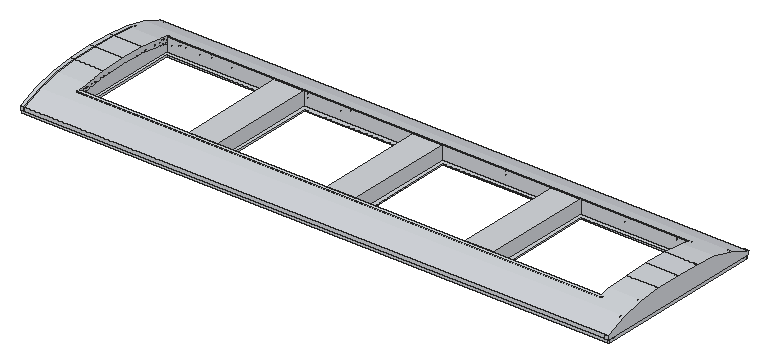
Revit family "Gira_0214758", category Electrical Fixtures, host Face, Revit 2017
Family settings
  Host = Face
  Maintain Annotation Orientation = No
  Round Connector Dimension = Use Diameter
  Part Type = Normal
  Cut with Voids When Loaded = No
  Shared = No
  Room Calculation Point = No
Parameters (values of type "Cov.fr. 4-g interm.fr. AN Gira Event Clear aubergine")
  With mounting grid = "No"
  With hinged lid = "No"
  URL = "http://katalog.gira.de/en/datenblatt.html?artikelnr=0214758"
  Type of fastening = "Clamp mounting"
  Transparent = "No"
  Surface protection = "Other"
  Surface finishing = "Glossy"
  Suitable for wall duct = "No"
  Suitable for flush-mounted installation = "No"
  Suitable for floor box = "No"
  Suitable for built-in installation = "No"
  Number of units vertical = "4"
  Number of units horizontal = "4"
  Number of units = "4"
  Name = "Cov.fr. 4-g interm.fr. AN Gira Event Clear aubergine"
  Mounting direction = "Horizontal and vertical"
  Material quality = "Thermoplastic"
  Material = "Plastic"
  Manufacturer URL = "https://www.gira.de/"
  Manufacturer = "Gira"
  Label space/information surface = "No"
  Keynote = ""
  HeinzeBIM = "https://bimportal.heinze.de/bim/cov-fr-4-g-interm-fr-an-gira-event-clear-aubergine/6f94fe7c355c121670c5932dfbb4af362d6369c4"
  Halogen free = "Yes"
  HAN = "0214758"
  GTIN = "4010337069256"
  Description = "Cov.fr.4g i.fr.AN EvCl AU,Gira Event Clear cover frame,aubergine with anthracite intermediate frame,4-gang,Features:,- Shatter-proof."
  Degree of protection (IP) = "IP20"
  Default Elevation = 1219.2 mm
  Data sheet (1) = "https://katalog.gira.de/en/download.html?artikelnr=0214758"
  Colour = "Other"
  Category = "Cover frame for domestic switching devices"
  BIM (1) = "https://media.stage.bim.site/public/gira/36a6b08/Event_Rahmen_4fach.rfa"
  Available = "No"
Reference planes
  plane 1 "Center (Front/Back)": y = 0
  plane 2: z = 0
  plane 3 "Center (Left/Right)": x = 0
Forms (mm)
  Extrusion 1, solid, detail levels fine
    sketch origin (0, 0, 0.05) x (0, 1, 0) y (0, 0, 1)
      loop
        arc (12.445, 9.683) -> (6.223, 9.833) -> (0, 9.85) r 291.636
        arc (0, 9.85) -> (-6.223, 9.833) -> (-12.445, 9.683) r 291.636
        arc (-12.445, 9.683) -> (-29.14, 7.482) -> (-45, 1.823) r 79.728
        line (-45, 1.823) -> (-45, -0.05) -> (-42.086, -0.05)
        arc (-42.086, -0.05) -> (-21.385, 5.559) -> (0, 7.206) r 114.424
        arc (0, 7.206) -> (21.385, 5.559) -> (42.086, -0.05) r 114.424
        line (42.086, -0.05) -> (45, -0.05) -> (45, 1.823)
        arc (45, 1.823) -> (29.14, 7.482) -> (12.445, 9.683) r 79.728
    from -151.95 to 151.935
  Extrusion 2, void, detail levels fine
    sketch origin (0, 0, 0) x (1, 0, 0) y (0, 1, 0)
      loop
        line (134.95, 28.035) -> (-134.95, 28.035) -> (-134.95, -28.035) -> (134.95, -28.035) -> (134.95, 28.035)
    from 0.724 to 11
  Extrusion 3, solid, detail levels coarse
    sketch origin (0, 0, 0) x (1, 0, 0) y (0, 1, 0)
      loop
        line (-151.95, 45) -> (-151.95, -45) -> (151.935, -45) -> (151.935, 45) -> (-151.95, 45)
    from -1.5 to 9.9
  Extrusion 4, solid, detail levels medium
    sketch origin (0, 0, 0.05) x (0, 1, 0) y (0, 0, 1)
      loop
        arc (12.445, 9.683) -> (6.223, 9.833) -> (0, 9.85) r 291.636
        arc (0, 9.85) -> (-6.223, 9.833) -> (-12.445, 9.683) r 291.636
        arc (-12.445, 9.683) -> (-29.14, 7.482) -> (-45, 1.823) r 79.728
        line (-45, 1.823) -> (-45, -0.05) -> (45, -0.05) -> (45, 1.823)
        arc (45, 1.823) -> (29.14, 7.482) -> (12.445, 9.683) r 79.728
    from -151.95 to 151.935
  Extrusion 5, solid, detail levels fine
    sketch origin (-106.95, 0, -1.5) x (0, 1, 0) y (0, 0, -1)
      loop
        line (45, -3.373) -> (45, -1.5) -> (-45, -1.5) -> (-45, -3.373)
        arc (-45, -3.373) -> (-29.14, -9.032) -> (-12.445, -11.233) r 79.728
        arc (-12.445, -11.233) -> (-6.223, -11.383) -> (0, -11.4) r 291.636
        arc (0, -11.4) -> (6.223, -11.383) -> (12.445, -11.233) r 291.636
        arc (12.445, -11.233) -> (29.14, -9.032) -> (45, -3.373) r 79.728
    from 43 to 45
  Extrusion 6, solid, detail levels fine
    sketch origin (0, 0, 0) x (1, 0, 0) y (0, 1, 0)
      loop
        line (-132.85, 25.7) -> (-132.85, -25.7) -> (-81.05, -25.7) -> (-81.05, 25.7) -> (-132.85, 25.7)
      loop
        line (-9.755, -25.7) -> (-9.755, 25.7) -> (-61.555, 25.7) -> (-61.555, -25.7) -> (-9.755, -25.7)
      loop
        line (-135.845, 28.49) -> (-135.845, -28.495)
        spline (-135.845, -28.495) -> (-135.836, -28.625) -> (-135.811, -28.754) -> (-135.769, -28.878) -> (-135.711, -28.995) -> (-135.638, -29.104) -> (-135.552, -29.202) -> (-135.454, -29.288) -> (-135.345, -29.361) -> (-135.228, -29.419) -> (-135.104, -29.461) -> (-134.975, -29.486) -> (-134.845, -29.495)
        line (-134.845, -29.495) -> (134.845, -29.495)
        spline (134.845, -29.495) -> (134.975, -29.486) -> (135.104, -29.461) -> (135.228, -29.419) -> (135.345, -29.361) -> (135.454, -29.288) -> (135.552, -29.202) -> (135.638, -29.104) -> (135.711, -28.995) -> (135.769, -28.878) -> (135.811, -28.754) -> (135.836, -28.625) -> (135.845, -28.495)
        line (135.845, -28.495) -> (135.845, 28.49)
        spline (135.845, 28.49) -> (135.836, 28.62) -> (135.811, 28.748) -> (135.769, 28.872) -> (135.711, 28.99) -> (135.638, 29.098) -> (135.552, 29.197) -> (135.454, 29.283) -> (135.345, 29.356) -> (135.228, 29.413) -> (135.104, 29.456) -> (134.975, 29.481) -> (134.845, 29.49)
        line (134.845, 29.49) -> (-134.845, 29.49)
        spline (-134.845, 29.49) -> (-134.975, 29.481) -> (-135.104, 29.456) -> (-135.228, 29.413) -> (-135.345, 29.356) -> (-135.454, 29.283) -> (-135.552, 29.197) -> (-135.638, 29.098) -> (-135.711, 28.99) -> (-135.769, 28.872) -> (-135.811, 28.748) -> (-135.836, 28.62) -> (-135.845, 28.49)
      loop
        line (61.545, -25.7) -> (61.545, 25.7) -> (9.745, 25.7) -> (9.745, -25.7) -> (61.545, -25.7)
      loop
        line (132.85, -25.7) -> (132.85, 25.7) -> (81.05, 25.7) -> (81.05, -25.7) -> (132.85, -25.7)
    from 0.1 to 7.3
  Extrusion 7, solid
    sketch origin (0, 0, 0) x (1, 0, 0) y (0, 1, 0)
      loop
        arc (-151.65, -44.218) -> (-151.504, -44.572) -> (-151.15, -44.718) r 0.5
        line (-151.15, -44.718) -> (151.15, -44.718)
        arc (151.15, -44.718) -> (151.504, -44.572) -> (151.65, -44.218) r 0.5
        line (151.65, -44.218) -> (151.65, 44.182)
        arc (151.65, 44.182) -> (151.504, 44.535) -> (151.15, 44.682) r 0.5
        line (151.15, 44.682) -> (-151.15, 44.682)
        arc (-151.15, 44.682) -> (-151.504, 44.535) -> (-151.65, 44.182) r 0.5
        line (-151.65, 44.182) -> (-151.65, -44.218)
      loop
        line (-149.95, 42.982) -> (-149.95, -43.018) -> (149.95, -43.018) -> (149.95, 42.982) -> (-149.95, 42.982)
    from -1.5 to 0.5
  Extrusion 8, solid, detail levels fine
    sketch origin (106.935, 0, -1.5) x (0, 1, 0) y (0, 0, 1)
      loop
        arc (45, 3.373) -> (29.14, 9.032) -> (12.445, 11.233) r 79.728
        arc (12.445, 11.233) -> (6.223, 11.383) -> (0, 11.4) r 291.636
        arc (0, 11.4) -> (-6.223, 11.383) -> (-12.445, 11.233) r 291.636
        arc (-12.445, 11.233) -> (-29.14, 9.032) -> (-45, 3.373) r 79.728
        line (-45, 3.373) -> (-45, 1.5) -> (45, 1.5) -> (45, 3.373)
    from 43 to 45
  Extrusion 9, solid, detail levels medium
    sketch origin (0, 0, 0) x (1, 0, 0) y (0, 1, 0)
      loop
        line (-151.65, -44.718) -> (151.65, -44.718) -> (151.65, 44.682) -> (-151.65, 44.682) -> (-151.65, -44.718)
    from -1.5 to 0.5
  Extrusion 10, solid, detail levels fine
    sketch origin (-69.857, 0, 0) x (1, 0, 0) y (0, 1, 0)
      loop
        line (-8.943, 28.063) -> (-8.943, -27.937) -> (6.057, -27.937) -> (6.057, 28.063) -> (-8.943, 28.063)
    from 0.724 to 7.566
  Extrusion 11, solid, detail levels fine
    sketch origin (-1.443, 0, 0) x (-1, 0, 0) y (0, -1, 0)
      loop
        line (-8.943, -28.063) -> (6.057, -28.063) -> (6.057, 27.937) -> (-8.943, 27.937) -> (-8.943, -28.063)
    from 0.724 to 7.566
  Extrusion 12, solid, detail levels fine
    sketch origin (69.857, 0, 0) x (-1, 0, 0) y (0, -1, 0)
      loop
        line (-8.943, -28.063) -> (6.057, -28.063) -> (6.057, 27.937) -> (-8.943, 27.937) -> (-8.943, -28.063)
    from 0.724 to 7.566
Cuts and joins
  Extrusion 2 cuts Extrusion 1
  Extrusion 2 cuts Extrusion 6
Dimensions and locks
  aligned and locked: plane 2 to host face
  aligned and locked: level to host face
